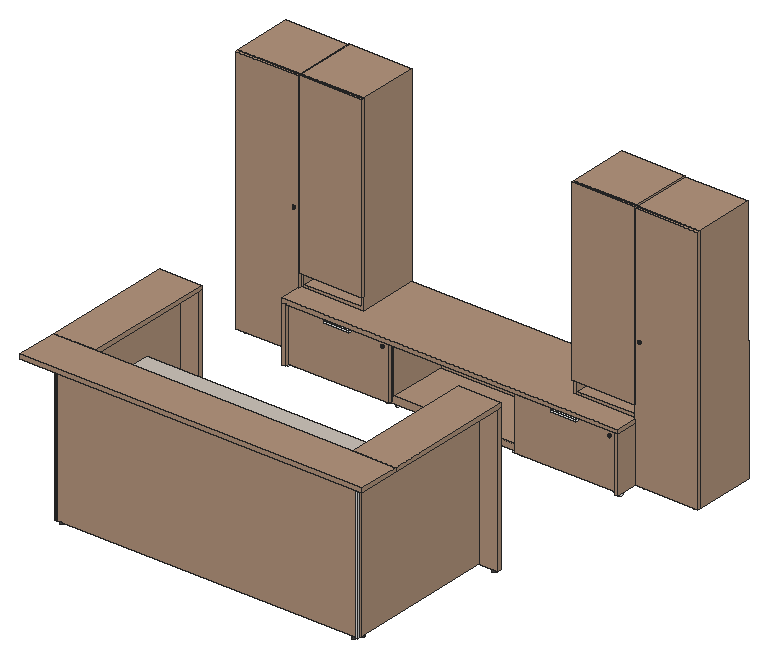
Revit family "Expansion_Casegoods-Reception_02-Teknion-R2019", category Furniture Systems, Revit 2019
Family settings
  Round Connector Dimension = Use Diameter
  Part Type = Normal
  OmniClass Number = 23.40.70.14.64.21
  OmniClass Title = Systems Furniture
  Work Plane-Based = No
  Always vertical = Yes
  Cut with Voids When Loaded = No
  Shared = Yes
  Room Calculation Point = No
Parameters (values of type "Reception 02")
  Warranty = "http://www.teknion.com/ca/papers/legal-canada"
  Unit Weight URL = "http://www.teknion.com/ca/tools/assets#&asset=bee6a381-b954-425e-8283-5a2de3a804f2,f828d448-4b62-4231-9e5f-9a8991c0ed77"
  URL = "www.teknion.com"
  To render please download texture images found here [instance] = "https://assets.teknion.com/web/5e81352c1dfdb467/revit-material-swatches/"
  Sustainability Data = "https://www.teknion.com/ca/tools/assets#&topic=216f99a5-57a0-44fc-b10a-9dee9b29ae4c&asset=444deb64-fe58-4b68-981e-f75e97781df7,b4ff2d81-9f2e-437d-9659-7cffb09c31cf"
  Series = "Expansion Casegoods"  # constant formula
  Product Page URL = "https://teknionplanningtool.com/#?Reception-02-ExpCasegoods"
  Product Line = "Expansion Casegoods"  # constant formula
  Model = "Expansion Casegoods Reception 02 Layout"
  Material Finish Note [instance] = "Click on Edit Family to change the finishes."  # constant formula
  Manufacturer Phone = "416-661-3370"  # constant formula
  Manufacturer Fax = "416.661.4586"  # constant formula
  Manufacturer Contact Information = "http://www.teknion.com/ca/contactus"
  Manufacturer Address = "1150 Flint Road, Toronto, ON. M3J 2J5. Canada"  # constant formula
  Manufacturer = "Teknion"  # constant formula
  How To Use Teknion Materials User Guide [instance] = "https://assets.teknion.com/m/205dd0a49fa58060/original/How-to-add-a-Material-Library-and-Texture-Images-to-your-Revit-project.pdf"
  For Additional Finishes please visit [instance] = "https://assets.teknion.com/m/44a8009b046e5d47/original/Teknion_Materials_Library.zip"
  Description = "9'-8” x 10'-11”"
  Assembly Code = "E2020200"
Reference planes (in)
  plane 1 "Center F/B": y = -16.51995
  plane 2: z = 0
  plane 3 "Center L/R": x = -9.9987
  plane 4 "Top": z = 29
  plane 5: x = -75.6687
  plane 6: y = -74.48751
  plane 7: y = 41.44761
  plane 8: x = 55.6713
Dimensions and locks (in)
  locked: plane 4 "Top" to level at 29
  equal spacing: plane 5, plane 3 "Center L/R", plane 8
  equal spacing: plane 6, plane 1 "Center F/B", plane 7
  aligned and locked: level to plane 2
Nested families (in)
  nested 1: "Reception-Teknion-B_CWL_Main_Worksurface_with_One_Gable_Reception_Desk-R2019" at (1.35734, -56.93086, 0) x (-1, 0, 0) z (0, 0, 1), type "1-3/16" Thick WS, Both Ends Grommet"
    with Worksurface Finish Source Laminate - Teknion - DE - Latte, To render please download texture images found here "https://assets.teknion.com/web/5e81352c1dfdb467/revit-material-swatches/", Split WS no, Singular WS yes, Middle Gable yes, How To Use Teknion Materials User Guide "https://assets.teknion.com/m/205dd0a49fa58060/original/How-to-add-a-Material-Library-and-Texture-Images-to-your-Revit-project.pdf", Grommet Finish Paint - Teknion - Foundation - Soft Gris, Gable Finish Source Laminate - Teknion - DE - Latte, Front Width 84.000", For Additional Finishes please visit "https://assets.teknion.com/m/44a8009b046e5d47/original/Teknion_Materials_Library.zip", Depth 30.000", Available Widths "72, 78, 84, 90, 96, 102, 108, 114, 120, 126, 132, 138, or 144 inches.", Available Depths "20, 24, or 30 inches.", 2D Connection Node Visibility yes
  nested 2: "Storage-Freestanding-Teknion-BSPSS_Pedestal-R2018" at (-39.09689, -46.05199, 0) x (-1, 0, 0) z (0, 0, 1), type "18" Depth, 28" Height"
    with To render please download texture images found here "https://assets.teknion.com/web/5e81352c1dfdb467/revit-material-swatches/", Pull Finish Paint - Teknion - Mica - Very White, How To Use Teknion Materials User Guide "https://assets.teknion.com/m/205dd0a49fa58060/original/How-to-add-a-Material-Library-and-Texture-Images-to-your-Revit-project.pdf", For Additional Finishes please visit "https://assets.teknion.com/m/44a8009b046e5d47/original/Teknion_Materials_Library.zip", File, File Configuration no, Drawer Front Finish Source Laminate - Teknion - 3M - Provincial Oak, Case Finish Source Laminate - Teknion - 3M - Provincial Oak (Cross Grain), Box, Box, File Top Drawer Cut-Out 3.589", Box, Box, File Configuration yes
  nested 3: "Reception-Teknion-B_CRU_Reception_Desk_Module_U_Shaped-R2019" at (-10.00644, -37.8253, 0) x (-1, 0, 0) z (0, 0, 1), type "1 1/16" Worksurface Thickness, 12" Depth"
    with Worksurface Finish Source Laminate - Teknion - 3M - Provincial Oak (Cross Grain), Width 84.000", To render please download texture images found here "https://assets.teknion.com/web/5e81352c1dfdb467/revit-material-swatches/", Right Return Width 42.000", Left Return Width 42.000", Inset Panel Finish Source Laminate - Teknion - 3M - Provincial Oak, How To Use Teknion Materials User Guide "https://assets.teknion.com/m/205dd0a49fa58060/original/How-to-add-a-Material-Library-and-Texture-Images-to-your-Revit-project.pdf", Gable Finish Source Laminate - Teknion - 3M - Provincial Oak, For Additional Finishes please visit "https://assets.teknion.com/m/44a8009b046e5d47/original/Teknion_Materials_Library.zip", END length 43.008", Corner Extrusion Finish Paint - Teknion - Mica - Arctic, Available Widths " 84\", 90\", 96\", 102\", 118\", 114\", 120\", 126\", 132\", 138\", or 144\"", Available Right Return Widths " 24\", 30\", 36\", 42\", 48\", 54\", 60\", 66\", 72\", 78\", or 84\"", Available Left Return Widths " 24\", 30\", 36\", 42\", 48\", 54\", 60\", 66\", 72\", 78\", or 84\"", Actual Right Return Width 41.992", Actual Left Return Width 41.992", 4 Filler Panels no, 3 Filler Panels yes, 2 Main Worksurface no, 1 Main Worksurface yes
  nested 4: "Storage-Freestanding-Teknion-BFRL_Full_Solid_Door_Tower-R2018" at (-66.7137, 32.49282, 0), type "18"w x 72"h"
    with Wardrobe no, Top Shelf Height Offset 16.986", To render please download texture images found here "https://assets.teknion.com/web/5e81352c1dfdb467/revit-material-swatches/", Shelves yes, Note "Available Depths are 18 and 24 inches.", Middle Shelf Visibility yes, Middle Shelf Height Offset 16.927", Lock Height Offset 33.722", How to Add Texture Images to your Revit Project "https://assets.teknion.com/m/205dd0a49fa58060/original/How-to-add-a-Material-Library-and-Texture-Images-to-your-Revit-project.pdf", For Additional Finishes please visit "https://assets.teknion.com/m/44a8009b046e5d47/original/Teknion_Materials_Library.zip", File Drawers and Shelves no, Door Front Finish Source Laminate - Teknion - 3M - Provincial Oak, Depth 18.000", Configurations Note "Please select one of the following.", Case Finish Source Laminate - Teknion - 3M - Provincial Oak, Bottom Shelf Visibility yes, Actual Depth 17.161"
  nested 5: "Storage-Mounted-Teknion-BRLL_Full_Solid_Door_Tower_Low_Secondary_Desk-R2018" at (-48.8037, 32.49261, 0) x (-1, 0, 0) z (0, 0, 1), type "File Drawer and Shelves, 18"d x 18"w, 72"h"
    with Has Multi-Functional Drawer no, Door Front Finish Source Laminate - Teknion - 3M - Provincial Oak, Case Finish Source Laminate - Teknion - 3M - Provincial Oak
  nested 6: "Workstations-Multi_Level-Teknion-B_MSD_Secondary-R2018" at (-9.9987, 29.50761, 0), type "1 3/16" Worksurface Thickness, Low Height"
    with Width 96.000", To render please download texture images found here "https://assets.teknion.com/web/5e81352c1dfdb467/revit-material-swatches/", Surface and Edge Trim Finish Source Laminate - Teknion - 3M - Provincial Oak (Cross Grain), Right Grommet no, Note "Please select one of the following.", No Grommet yes, Left Grommet no, How To Use Teknion Materials User Guide "https://assets.teknion.com/m/205dd0a49fa58060/original/How-to-add-a-Material-Library-and-Texture-Images-to-your-Revit-project.pdf", Has Right Rectangular Grommet no, Has Left Rectangular Grommet no, Has Centered Rectangular Grommet no, Has Both Ends Rectangular Grommets no, Hardware Finish Mica - Teknion - V - Satin - Very White, Grommet Finish Mica - Teknion - V - Satin - Very White, Gable Finish Source Laminate - Teknion - 3M - Provincial Oak, For Additional Finishes please visit "https://assets.teknion.com/m/44a8009b046e5d47/original/Teknion_Materials_Library.zip", Depth 24.000", Available Widths "54, 60, 66, 72, 78, 84, 90, 96, 102, or 108 inches.", Available Depths "20 or 24 inches.", Actual Width 95.520", Actual Depth 23.880"
  nested 7: "Storage-Multi_Level_Workstations-Teknion-BSSL_Lateral_File-R2019" at (-42.2662, 27.28034, 0), type "Low Secondary Desk Height, 24" Secondary Desk Depth"
    with Width 30.000", To render please download texture images found here "https://assets.teknion.com/web/5e81352c1dfdb467/revit-material-swatches/", Pull Finish Mica - Teknion - V - Satin - Very White, Lateral File Front Finish Source Laminate - Teknion - 3M - Provincial Oak, How To Use Teknion Materials User Guide "https://assets.teknion.com/m/205dd0a49fa58060/original/How-to-add-a-Material-Library-and-Texture-Images-to-your-Revit-project.pdf", High - Drawer Horizontal Cut 0.550", For Additional Finishes please visit "https://assets.teknion.com/m/44a8009b046e5d47/original/Teknion_Materials_Library.zip", End of 1-9/16" thick Secondary Desk no, End of 1-3/16" thick Secondary Desk yes, End of 1" thick Secondary Desk no, End yes, Configurations Note "The Center configuration is not available for the 42 inch width.", Center no, Case Finish Source Laminate - Teknion - 3M - Provincial Oak, Available Widths "Available Widths range from 18 to 42 inches in 6 inch increments.", Actual Width 28.715"
  nested 8: "Storage-Multi_Level_Workstations-Teknion-BSSL_Lateral_File-R2019" at (22.26904, 27.28034, 0), type "Low Secondary Desk Height, 24" Secondary Desk Depth"
    with Width 30.000", To render please download texture images found here "https://assets.teknion.com/web/5e81352c1dfdb467/revit-material-swatches/", Pull Finish Mica - Teknion - V - Satin - Very White, Lateral File Front Finish Source Laminate - Teknion - 3M - Provincial Oak, How To Use Teknion Materials User Guide "https://assets.teknion.com/m/205dd0a49fa58060/original/How-to-add-a-Material-Library-and-Texture-Images-to-your-Revit-project.pdf", High - Drawer Horizontal Cut 0.550", For Additional Finishes please visit "https://assets.teknion.com/m/44a8009b046e5d47/original/Teknion_Materials_Library.zip", End of 1-9/16" thick Secondary Desk no, End of 1-3/16" thick Secondary Desk yes, End of 1" thick Secondary Desk no, End yes, Configurations Note "The Center configuration is not available for the 42 inch width.", Center no, Case Finish Source Laminate - Teknion - 3M - Provincial Oak, Available Widths "Available Widths range from 18 to 42 inches in 6 inch increments.", Actual Width 28.715"
  nested 9: "Storage-Multi_Level_Workstations-Teknion-BSSO_Bookcase-R2018" at (-9.9987, 27.70958, 0), type "Low"
    with Width 36.000", Under Height-Adjustable Run-Off no, To render please download texture images found here "https://assets.teknion.com/web/5e81352c1dfdb467/revit-material-swatches/", Shelf Visibility no, Note "Available Depths are 20 and 24 inches. Available Widths are available in a range from 18 to 42 inches in 6 inch increments.", How To Use Teknion Materials User Guide "https://assets.teknion.com/m/205dd0a49fa58060/original/How-to-add-a-Material-Library-and-Texture-Images-to-your-Revit-project.pdf", For Additional Finishes please visit "https://assets.teknion.com/m/44a8009b046e5d47/original/Teknion_Materials_Library.zip", End of 1-9/16" thick Secondary Desk no, End of 1-3/16" thick Secondary Desk no, End of 1" thick Secondary Desk no, End Configuration no, Depth 24.000", Center Configuration yes, Case Finish Source Laminate - Teknion - 3M - Provincial Oak, Actual Width 35.820", Actual Depth 17.220"
  nested 10: "Storage-Mounted-Teknion-BRLL_Full_Solid_Door_Tower_Low_Secondary_Desk-R2018" at (28.8063, 32.49261, 0), type "File Drawer and Shelves, 18"d x 18"w, 72"h"
    with Has Multi-Functional Drawer no, Door Front Finish Source Laminate - Teknion - 3M - Provincial Oak, Case Finish Source Laminate - Teknion - 3M - Provincial Oak
  nested 11: "Storage-Freestanding-Teknion-BFRL_Full_Solid_Door_Tower-R2018" at (46.7163, 32.49282, 0) x (-1, 0, 0) z (0, 0, 1), type "18"w x 72"h"
    with Wardrobe no, Top Shelf Height Offset 16.986", To render please download texture images found here "https://assets.teknion.com/web/5e81352c1dfdb467/revit-material-swatches/", Shelves yes, Note "Available Depths are 18 and 24 inches.", Middle Shelf Visibility yes, Middle Shelf Height Offset 16.927", Lock Height Offset 33.722", How to Add Texture Images to your Revit Project "https://assets.teknion.com/m/205dd0a49fa58060/original/How-to-add-a-Material-Library-and-Texture-Images-to-your-Revit-project.pdf", For Additional Finishes please visit "https://assets.teknion.com/m/44a8009b046e5d47/original/Teknion_Materials_Library.zip", File Drawers and Shelves no, Door Front Finish Source Laminate - Teknion - 3M - Provincial Oak, Depth 18.000", Configurations Note "Please select one of the following.", Case Finish Source Laminate - Teknion - 3M - Provincial Oak, Bottom Shelf Visibility yes, Actual Depth 17.161"
Definition of nested family "Reception-Teknion-B_CWL_Main_Worksurface_with_One_Gable_Reception_Desk-R2019"
  Parameters (values of type "1" Thick WS, Both Ends Grommet")
    Worksurface Thickness = 1.016"
    Worksurface Finish [instance] = none
    Warranty = "http://www.teknion.com/ca/papers/legal-canada"
    Unit Weight URL = "http://www.teknion.com/ca/tools/assets#&asset=bee6a381-b954-425e-8283-5a2de3a804f2,f828d448-4b62-4231-9e5f-9a8991c0ed77"
    URL = "www.teknion.com"
    To render please download texture images found here [instance] = "https://assets.teknion.com/web/5e81352c1dfdb467/revit-material-swatches/"
    Sustainability Data = "https://www.teknion.com/ca/tools/assets#&topic=216f99a5-57a0-44fc-b10a-9dee9b29ae4c&asset=444deb64-fe58-4b68-981e-f75e97781df7,b4ff2d81-9f2e-437d-9659-7cffb09c31cf"
    Split WS [instance] = Front Width > 85.000"  # yes
    Singular WS [instance] = Front Width < 85.000"  # no
    Series = "Expansion Casegoods"  # constant formula
    Product Page URL = "https://www.teknion.com/ca/products/product-details?productLineId=0053336e-8e7a-673b-a6c8-ff00004460c4"
    Product Line = "Expansion Casegoods"  # constant formula
    Product Documentation Link = "https://www.teknion.com/pricing/expansion-casegoods/pdfs/B_CWL_ppg.pdf"
    Part Number = "B_WCL"  # constant formula
    Model = "BDWCL____B_"
    Middle Gable [instance] = Front Width > 73.000"  # yes
    Manufacturer Phone = "416-661-3370"  # constant formula
    Manufacturer Fax = "416.661.4586"  # constant formula
    Manufacturer Contact Information = "http://www.teknion.com/ca/contactus"
    Manufacturer Address = "1150 Flint Road, Toronto, ON. M3J 2J5. Canada"  # constant formula
    Manufacturer = "Teknion"  # constant formula
    How To Use Teknion Materials User Guide [instance] = "https://assets.teknion.com/m/205dd0a49fa58060/original/How-to-add-a-Material-Library-and-Texture-Images-to-your-Revit-project.pdf"
    Has Centered Rectangular Grommet = no
    Has Both Ends = yes
    Grommet Finish [instance] = none
    Gable Thickness = 1.016"
    Gable Finish [instance] = none
    Front Width [instance] = 108.000"
    For Additional Finishes please visit [instance] = "https://assets.teknion.com/m/44a8009b046e5d47/original/Teknion_Materials_Library.zip"
    Description = "Main Worksurface with One Gable - Reception Desk, 1\" Worksurface Thickness, Both Ends Grommet Option"
    Depth [instance] = 30.000"
    Available Widths [instance] = if(Has Centered Rectangular Grommet, "72, 90, 96, 102, 108, 114, 120, 126, 132, 138, or 144 inches.", "72, 78, 84, 90, 96, 102, 108, 114, 120, 126, 132, 138, or 144 inches.")  # "72, 78, 84, 90, 96, 102, 108, 114, 120, 126, 132, 138, or 144 inches."
    Available Depths [instance] = "20, 24, or 30 inches."  # constant formula
    Assembly Code = "E2020200"
    2D Connection Node Visibility [instance] = yes
  Types (7): name | Worksurface Thickness | Model | Has Centered Rectangular Grommet | Has Both Ends | Gable Thickness | Description | Available Widths
    (no name) | 1.016" | "BDWCL____B_" | no | yes | 1.016" | "Main Worksurface with One Gable - Reception Desk, 1\" Worksurface Thickness, Both Ends Grommet Option" | "72, 78, 84, 90, 96, 102, 108, 114, 120, 126, 132, 138, or 144 inches."
    1" Thick WS, Centered Grommet | 1.016" | "BDWCL____C_" | yes | no | 1.016" | "Main Worksurface with One Gable - Reception Desk, 1\" Worksurface Thickness, Centered Grommet Option" | "72, 90, 96, 102, 108, 114, 120, 126, 132, 138, or 144 inches."
    1-3/16" Thick WS, Centered Grommet | 1.189" | "BMWCL____C_" | yes | no | 1.016" | "Main Worksurface with One Gable - Reception Desk, 1-3/16\" Worksurface Thickness, Centered Grommet Option" | "72, 90, 96, 102, 108, 114, 120, 126, 132, 138, or 144 inches."
    1-9/16" Thick WS, Centered Grommet | 1.555" | "BXWCL____C_" | yes | no | 1.512" | "Main Worksurface with One Gable - Reception Desk, 1-9/16\" Worksurface Thickness, Centered Grommet Option" | "72, 90, 96, 102, 108, 114, 120, 126, 132, 138, or 144 inches."
    1" Thick WS, Both Ends Grommet | 1.016" | "BDWCL____B_" | no | yes | 1.016" | "Main Worksurface with One Gable - Reception Desk, 1\" Worksurface Thickness, Both Ends Grommet Option" | "72, 78, 84, 90, 96, 102, 108, 114, 120, 126, 132, 138, or 144 inches."
    1-3/16" Thick WS, Both Ends Grommet | 1.189" | "BMWCL____B_" | no | yes | 1.016" | "Main Worksurface with One Gable - Reception Desk, 1-3/16\" Worksurface Thickness, Both Ends Grommet Option" | "72, 78, 84, 90, 96, 102, 108, 114, 120, 126, 132, 138, or 144 inches."
    1-9/16" Thick WS, Both Ends Grommet | 1.555" | "BXWCL____B_" | no | yes | 1.51181" | "Main Worksurface with One Gable - Reception Desk, 1-9/16\" Worksurface Thickness, Both Ends Grommet Option" | "72, 78, 84, 90, 96, 102, 108, 114, 120, 126, 132, 138, or 144 inches."
  Reference planes (in)
    plane 1 "Center Front/Back": y = -3.95123
    plane 2: z = 0
    plane 3 "Center Left/Right": x = -0.63609
    plane 4 "Left": x = -54.63609
    plane 5 "Right": x = 53.36391
    plane 6 "Back": y = 11.04877
    plane 7 "Front": y = -18.95123
    plane 8 "Top": z = 27.80709
    plane 9: z = 28.82309
    plane 10: x = -27.63609
    plane 11: x = 26.36391
    plane 12: x = -54.12809
    plane 13: x = -53.62009
    plane 14: x = -1.14409
    plane 15: x = -0.12809
  Forms (in)
    Sweep 1, solid, material <- "Worksurface Finish", visible <- "Split WS"
      path origin (0, -3.95123, 0) x (1, 0, 0) y (0, 0, 1)
        loop
          line (-0.63609, 27.80709) -> (-0.63609, 28.82309)
      profile origin (-0.63609, -3.95123, 28.31509) x (-1, 0, 0) y (0, -1, 0)
        loop
          line (54, -15) -> (54, 15) -> (0, 15) -> (0, -15) -> (54, -15)
    Sweep 2, solid, material <- "Worksurface Finish", visible <- "Split WS"
      path origin (54, -3.95123, 0) x (1, 0, 0) y (0, 0, 1)
        loop
          line (-0.63609, 27.80709) -> (-0.63609, 28.82309)
      profile origin (53.36391, -3.95123, 28.31509) x (-1, 0, 0) y (0, -1, 0)
        loop
          line (54, -15) -> (54, 15) -> (0, 15) -> (0, -15) -> (54, -15)
    Sweep 3, solid, material <- "Worksurface Finish", visible <- "Singular WS"
      path origin (0, -3.95123, 0) x (1, 0, 0) y (0, 0, 1)
        loop
          line (-0.63609, 27.80709) -> (-0.63609, 28.82309)
      profile origin (-0.63609, -3.95123, 28.31509) x (-1, 0, 0) y (0, -1, 0)
        loop
          line (54, -15) -> (54, 15) -> (-54, 15) -> (-54, -15) -> (54, -15)
    Sweep 4, solid, material <- "Grommet Finish", visible <- "Has Centered Rectangular Grommet"
      path origin (0, -3.95123, 0) x (1, 0, 0) y (0, 0, 1)
        loop
          line (-27.63609, 28.82309) -> (-27.63609, 28.9412)
      profile origin (-27.63609, -3.95123, 28.88214) x (-1, 0, 0) y (0, -1, 0)
        loop
          line (3.34449, -13.30512) -> (3.34449, -10.43504) -> (-0.47441, -10.43504) -> (-0.47441, -11.65748) -> (1.57283, -11.65748) -> (1.57283, -12.08268) -> (-0.47441, -12.08268) -> (-0.47441, -13.30512) -> (3.34449, -13.30512)
    Sweep 5, solid, material <- "Grommet Finish", visible <- "Has Centered Rectangular Grommet"
      path origin (0, -3.95123, 0) x (1, 0, 0) y (0, 0, 1)
        loop
          line (-25.76804, 28.82309) -> (-25.76804, 28.9412)
      profile origin (-25.76804, -3.95123, 28.88214) x (-1, 0, 0) y (0, -1, 0)
        loop
          line (1.39363, -13.30512) -> (1.39363, -10.43504) -> (-1.47645, -10.43504) -> (-1.47645, -13.30512) -> (1.39363, -13.30512)
    Sweep 6, solid, material <- "Grommet Finish", visible <- "Has Centered Rectangular Grommet"
      path origin (0, -3.95123, 0) x (1, 0, 0) y (0, 0, 1)
        loop
          line (26.36391, 28.82309) -> (26.36391, 28.9412)
      profile origin (26.36391, -3.95123, 28.88214) x (-1, 0, 0) y (0, -1, 0)
        loop
          line (3.34449, -13.30512) -> (3.34449, -10.43504) -> (-0.47441, -10.43504) -> (-0.47441, -11.65748) -> (1.57283, -11.65748) -> (1.57283, -12.08268) -> (-0.47441, -12.08268) -> (-0.47441, -13.30512) -> (3.34449, -13.30512)
    Sweep 7, solid, material <- "Grommet Finish", visible <- "Has Centered Rectangular Grommet"
      path origin (0, -3.95123, 0) x (1, 0, 0) y (0, 0, 1)
        loop
          line (28.27422, 28.82309) -> (28.27422, 28.9412)
      profile origin (28.27422, -3.95123, 28.88214) x (-1, 0, 0) y (0, -1, 0)
        loop
          line (-1.43418, -10.43504) -> (-1.43418, -13.30512) -> (1.43589, -13.30512) -> (1.43589, -10.43504) -> (-1.43418, -10.43504)
    Sweep 8, solid, material <- "Grommet Finish", visible <- "Has Both Ends"
      path origin (0, -3.95123, 0) x (1, 0, 0) y (0, 0, 1)
        loop
          line (-45.06265, 28.82309) -> (-45.06265, 28.94131)
      profile origin (-45.06265, -3.95123, 28.8822) x (-1, 0, 0) y (0, -1, 0)
        loop
          line (-0.54665, -13.30512) -> (-0.54665, -10.43504) -> (-3.41672, -10.43504) -> (-3.41672, -13.30512) -> (-0.54665, -13.30512)
    Sweep 9, solid, material <- "Grommet Finish", visible <- "Has Both Ends"
      path origin (0, -3.95123, 0) x (1, 0, 0) y (0, 0, 1)
        loop
          line (-46.30693, 28.82309) -> (-46.30693, 28.94131)
      profile origin (-46.30693, -3.95123, 28.8822) x (-1, 0, 0) y (0, -1, 0)
        loop
          line (2.02797, -13.30512) -> (2.02797, -10.43504) -> (-1.79092, -10.43504) -> (-1.79092, -11.65748) -> (0.25632, -11.65748) -> (0.25632, -12.08268) -> (-1.79092, -12.08268) -> (-1.79092, -13.30512) -> (2.02797, -13.30512)
    Sweep 10, solid, material <- "Grommet Finish", visible <- "Has Both Ends"
      path origin (0, -3.95123, 0) x (1, 0, 0) y (0, 0, 1)
        loop
          line (43.67306, 28.82309) -> (43.67306, 28.94131)
      profile origin (43.67306, -3.95123, 28.8822) x (-1, 0, 0) y (0, -1, 0)
        loop
          line (-0.51959, -12.08268) -> (-0.51959, -13.30512) -> (3.29931, -13.30512) -> (3.29931, -10.43504) -> (-0.51959, -10.43504) -> (-0.51959, -11.65748) -> (1.52765, -11.65748) -> (1.52765, -12.08268) -> (-0.51959, -12.08268)
    Sweep 11, solid, material <- "Grommet Finish", visible <- "Has Both Ends"
      path origin (0, -3.95123, 0) x (1, 0, 0) y (0, 0, 1)
        loop
          line (45.4684, 28.82309) -> (45.4684, 28.94131)
      profile origin (45.4684, -3.95123, 28.8822) x (-1, 0, 0) y (0, -1, 0)
        loop
          line (1.27574, -13.30512) -> (1.27574, -10.43504) -> (-1.59433, -10.43504) -> (-1.59433, -13.30512) -> (1.27574, -13.30512)
    Sweep 12, solid, material <- "Gable Finish", visible <- "Middle Gable"
      path origin (0, 0, 0) x (1, 0, 0) y (0, 1, 0)
        loop
          line (-1.14409, 7.54877) -> (-0.12809, 7.54877)
      profile origin (-0.63609, 7.54877, 0) x (0, 1, 0) y (0, 0, 1)
        loop
          line (-7.5, 0.60236) -> (3.5, 0.60236) -> (3.5, 27.80709) -> (-7.5, 27.80709) -> (-7.5, 0.60236)
    Sweep 13, solid, material <- "Gable Finish"
      path origin (0, 0, 0) x (1, 0, 0) y (0, 1, 0)
        loop
          line (-53.62009, -3.95123) -> (-54.63609, -3.95123)
      profile origin (-54.12809, -3.95123, 0) x (0, -1, 0) y (0, 0, 1)
        loop
          line (15, 0.60236) -> (15, 27.80709) -> (-15, 27.80709) -> (-15, 0.60236) -> (15, 0.60236)
    Sweep 14, solid
      path origin (0, -3.95123, 0) x (1, 0, 0) y (0, 0, 1)
        loop
          line (-27.63609, 0) -> (-27.63609, 0.60236)
      profile origin (-27.63609, -3.95123, 0.30118) x (-1, 0, 0) y (0, -1, 0)
        loop
          circle (26.49649, -13.49697) r 0.5
        loop
          circle (26.49649, 13.49697) r 0.5
    Sweep 15, solid, visible <- "Middle Gable"
      path origin (0, -3.95123, 0) x (1, 0, 0) y (0, 0, 1)
        loop
          line (-0.63609, 0) -> (-0.63609, 0.60236)
      profile origin (-0.63609, -3.95123, 0.30118) x (-1, 0, 0) y (0, -1, 0)
        loop
          circle (0, -5.49839) r 0.5
  Lines and regions (in)
    Masking region 1
      outline origin (0, 0, 0) x (1, 0, 0) y (0, 1, 0)
        loop
          line (-54.63609, 11.04877) -> (-54.63609, -18.95123) -> (53.36391, -18.95123) -> (53.36391, 11.04877) -> (-54.63609, 11.04877)
    symbolic lines, detail levels medium+fine
      curve 1: line (-53.62009, 11.04877, 0) -> (-53.62009, -18.95123, 0)
    symbolic lines, visible <- "Middle Gable", detail levels medium+fine
      curve 2: line (-0.12809, 0.04877, 0) -> (-0.12809, 11.04877, 0)
      curve 3: line (-1.14409, 0.04877, 0) -> (-0.12809, 0.04877, 0)
      curve 4: line (-1.14409, 0.04877, 0) -> (-1.14409, 11.04877, 0)
    symbolic lines, detail levels fine
      curve 5: arc (-53.63258, 9.54574, 0) -> (-54.13258, 9.04574, 0) -> (-54.63258, 9.54574, 0) r 0.5
      curve 6: arc (-54.63258, 9.54574, 0) -> (-54.13258, 10.04574, 0) -> (-53.63258, 9.54574, 0) r 0.5
      curve 7: arc (-54.63258, -17.4482, 0) -> (-54.13258, -16.9482, 0) -> (-53.63258, -17.4482, 0) r 0.5
      curve 8: arc (-53.63258, -17.4482, 0) -> (-54.13258, -17.9482, 0) -> (-54.63258, -17.4482, 0) r 0.5
    symbolic lines, visible <- "Has Both Ends"
      curve 9: line (-44.51601, 9.35389, 0) -> (-48.33491, 9.35389, 0)
      curve 10: line (-44.51601, 9.35389, 0) -> (-44.51601, 6.48381, 0)
      curve 11: line (-48.33491, 6.48381, 0) -> (-44.51601, 6.48381, 0)
      curve 12: line (-44.51601, 7.70625, 0) -> (-46.56325, 7.70625, 0)
      curve 13: line (-46.56325, 7.70625, 0) -> (-46.56325, 8.13145, 0)
      curve 14: line (-46.56325, 8.13145, 0) -> (-44.51601, 8.13145, 0)
      curve 15: line (-48.33491, 9.35389, 0) -> (-48.33491, 6.48381, 0)
      curve 16: line (-41.64593, 9.35389, 0) -> (-44.51601, 9.35389, 0)
      curve 17: line (-41.64593, 6.48381, 0) -> (-41.64593, 9.35389, 0)
      curve 18: line (-44.51601, 6.48381, 0) -> (-41.64593, 6.48381, 0)
      curve 39: line (44.19265, 9.35389, 0) -> (40.37376, 9.35389, 0)
      curve 40: line (44.19265, 9.35389, 0) -> (44.19265, 6.48381, 0)
      curve 41: line (42.14541, 8.13145, 0) -> (44.19265, 8.13145, 0)
      curve 42: line (42.14541, 7.70625, 0) -> (42.14541, 8.13145, 0)
      curve 43: line (44.19265, 7.70625, 0) -> (42.14541, 7.70625, 0)
      curve 44: line (40.37376, 6.48381, 0) -> (44.19265, 6.48381, 0)
      curve 45: line (40.37376, 9.35389, 0) -> (40.37376, 6.48381, 0)
      curve 46: line (47.06273, 9.35389, 0) -> (44.19265, 9.35389, 0)
      curve 47: line (47.06273, 6.48381, 0) -> (47.06273, 9.35389, 0)
      curve 48: line (44.19265, 6.48381, 0) -> (47.06273, 6.48381, 0)
    symbolic lines, visible <- "Has Centered Rectangular Grommet"
      curve 19: line (-27.16168, 9.35389, 0) -> (-27.16168, 6.48381, 0)
      curve 20: line (-29.20892, 8.13145, 0) -> (-27.16168, 8.13145, 0)
      curve 21: line (-29.20892, 7.70625, 0) -> (-29.20892, 8.13145, 0)
      curve 22: line (-27.16168, 7.70625, 0) -> (-29.20892, 7.70625, 0)
      curve 23: line (-30.98058, 6.48381, 0) -> (-27.16168, 6.48381, 0)
      curve 24: line (-30.98058, 9.35389, 0) -> (-30.98058, 6.48381, 0)
      curve 25: line (-27.16168, 9.35389, 0) -> (-30.98058, 9.35389, 0)
      curve 26: line (-24.2916, 9.35389, 0) -> (-27.16168, 9.35389, 0)
      curve 27: line (-24.2916, 6.48381, 0) -> (-24.2916, 9.35389, 0)
      curve 28: line (-27.16168, 6.48381, 0) -> (-24.2916, 6.48381, 0)
      curve 29: line (26.83832, 9.35389, 0) -> (23.01942, 9.35389, 0)
      curve 30: line (23.01942, 9.35389, 0) -> (23.01942, 6.48381, 0)
      curve 31: line (23.01942, 6.48381, 0) -> (26.83832, 6.48381, 0)
      curve 32: line (26.83832, 9.35389, 0) -> (26.83832, 6.48381, 0)
      curve 33: line (24.79108, 8.13145, 0) -> (26.83832, 8.13145, 0)
      curve 34: line (24.79108, 7.70625, 0) -> (24.79108, 8.13145, 0)
      curve 35: line (26.83832, 7.70625, 0) -> (24.79108, 7.70625, 0)
      curve 36: line (29.7084, 9.35389, 0) -> (26.83832, 9.35389, 0)
      curve 37: line (29.7084, 6.48381, 0) -> (29.7084, 9.35389, 0)
      curve 38: line (26.83832, 6.48381, 0) -> (29.7084, 6.48381, 0)
    symbolic lines, visible <- "Split WS"
      curve 49: line (-0.63609, 11.04877, 0) -> (-0.63609, -18.95123, 0)
    reference lines
      curve 50: line (-54.63609, 11.04877, 0) -> (53.36391, 11.04877, 0)
      curve 51: line (-54.63609, 11.04877, 0) -> (-54.63609, -18.95123, 0)
      curve 52: line (-54.63609, -18.95123, 0) -> (53.36391, -18.95123, 0)
      curve 53: line (53.36391, 11.04877, 0) -> (53.36391, -18.95123, 0)
    symbolic lines, visible <- "Middle Gable", detail levels fine
      curve 54: arc (-1.13609, 1.54716, 0) -> (-0.63609, 2.04716, 0) -> (-0.13609, 1.54716, 0) r 0.5
      curve 55: arc (-0.13609, 1.54716, 0) -> (-0.63609, 1.04716, 0) -> (-1.13609, 1.54716, 0) r 0.5
  Dimensions and locks (in)
    "Front Width": plane 4 "Left" to plane 5 "Right"
    equal spacing: plane 6 "Back", plane 1 "Center Front/Back", plane 7 "Front"
    locked: plane 8 "Top" to level at 27.80709
    equal spacing: plane 4 "Left", plane 3 "Center Left/Right", plane 5 "Right"
    "Depth": plane 6 "Back" to plane 7 "Front"
    "Worksurface Thickness": plane 9 to plane 8 "Top"
    equal spacing: plane 4 "Left", plane 10, plane 3 "Center Left/Right"
    equal spacing: plane 3 "Center Left/Right", plane 11, plane 5 "Right"
    locked: Sweep 4 sketch curve to plane 9 at 0.11811
    Sweep 4 sketch curve to Sweep 4 sketch curve to plane 10 to Sweep 4 sketch curve to Sweep 4 sketch curve = 1.77165" locked, 1.57283" locked, 0.47441" locked, 0.000" locked
    plane 6 "Back" to Sweep 4 sketch curve to Sweep 4 sketch curve to Sweep 4 sketch curve to Sweep 4 sketch curve = 1.69488" locked, 1.22244" locked, 0.4252" locked, 1.22244" locked
    locked: Sweep 5 sketch curve to plane 9 at 0.11811
    plane 10 to Sweep 5 sketch curve to Sweep 5 sketch curve = 0.47441" locked, 2.87008" locked
    plane 6 "Back" to Sweep 5 sketch curve to Sweep 5 sketch curve = 1.69488" locked, 2.87008" locked
    locked: Sweep 6 sketch curve to plane 9 at 0.11811
    Sweep 6 sketch curve to Sweep 6 sketch curve to plane 11 to Sweep 6 sketch curve to Sweep 6 sketch curve = 1.77165" locked, 1.57283" locked, 0.47441" locked, 0.000" locked
    plane 6 "Back" to Sweep 6 sketch curve to Sweep 6 sketch curve to Sweep 6 sketch curve to Sweep 6 sketch curve = 1.69488" locked, 1.22244" locked, 0.4252" locked, 1.22244" locked
    locked: Sweep 7 sketch curve to plane 9 at 0.11811
    plane 11 to Sweep 7 sketch curve to Sweep 7 sketch curve = 0.47441" locked, 2.87008" locked
    plane 6 "Back" to Sweep 7 sketch curve to Sweep 7 sketch curve = 1.69488" locked, 2.87008" locked
    locked: Sweep 8 sketch curve to plane 9 at 0.11823
    plane 4 "Left" to Sweep 8 sketch curve to Sweep 8 sketch curve = 10.12008" locked, 2.87008" locked
    plane 6 "Back" to Sweep 8 sketch curve to Sweep 8 sketch curve = 1.69488" locked, 2.87008" locked
    locked: Sweep 9 sketch curve to plane 9 at 0.11823
    plane 4 "Left" to Sweep 9 sketch curve to Sweep 9 sketch curve to Sweep 9 sketch curve to Sweep 9 sketch curve = 6.30118" locked, 1.77165" locked, 2.04724" locked, 0.000" locked
    plane 6 "Back" to Sweep 9 sketch curve to Sweep 9 sketch curve to Sweep 9 sketch curve to Sweep 9 sketch curve = 1.69488" locked, 1.22244" locked, 0.4252" locked, 1.22244" locked
    locked: Sweep 10 sketch curve to plane 9 at 0.11823
    Sweep 10 sketch curve to Sweep 10 sketch curve to Sweep 10 sketch curve to plane 5 "Right" = 3.8189" locked, 0.000" locked, 9.17126" locked
    plane 6 "Back" to Sweep 10 sketch curve to Sweep 10 sketch curve to Sweep 10 sketch curve to Sweep 10 sketch curve = 1.69488" locked, 1.22244" locked, 0.4252" locked, 1.22244" locked
    locked: Sweep 11 sketch curve to plane 9 at 0.11823
    Sweep 11 sketch curve to Sweep 11 sketch curve to plane 5 "Right" = 2.87008" locked, 6.30118" locked
    plane 6 "Back" to Sweep 11 sketch curve to Sweep 11 sketch curve = 1.69488" locked, 2.87008" locked
    locked: Sweep 12 sketch curve to plane 6 "Back" at 11
    locked: Sweep 12 sketch curve to level at 0.60236
    "Gable Thickness": plane 4 "Left" to Sweep 13 sketch curve
    locked: Sweep 13 sketch curve to level at 0.60236
    locked: Sweep 14 sketch curve to level at 0.60236
    locked: plane 6 "Back" to Sweep 14 sketch curve at 1.50303
    locked: Sweep 14 sketch curve to plane 12 at 0.00449  (x2)
    locked: plane 7 "Front" to Sweep 14 sketch curve at 1.50303
    locked: Sweep 15 sketch curve to level at 0.60236
    locked: plane 6 "Back" to Sweep 15 sketch curve at 9.50161
    locked: plane 3 "Center Left/Right" to Sweep 15 sketch curve at 0
    equal spacing: plane 4 "Left", plane 12, plane 13
    "Gable Thickness": plane 4 "Left" to plane 13
    equal spacing: plane 14, plane 3 "Center Left/Right", plane 15
    "Gable Thickness": plane 14 to plane 15
    aligned and locked: level to plane 2
    aligned and locked: plane 8 "Top" to Sweep 1 sketch curve
    aligned and locked: plane 9 to Sweep 1 sketch curve
    aligned and locked: Sweep 1 sketch curve to plane 4 "Left"
    aligned and locked: Sweep 1 sketch curve to plane 6 "Back"
    aligned and locked: Sweep 1 sketch curve to plane 3 "Center Left/Right"
    aligned and locked: Sweep 1 sketch curve to plane 7 "Front"
    aligned and locked: Sweep 2 sketch curve to plane 3 "Center Left/Right"
    aligned and locked: Sweep 2 sketch curve to plane 6 "Back"
    aligned and locked: plane 5 "Right" to Sweep 2 sketch curve
    aligned and locked: plane 7 "Front" to Sweep 2 sketch curve
    aligned and locked: plane 9 to Sweep 2 sketch curve
    aligned and locked: plane 8 "Top" to Sweep 2 sketch curve
    aligned and locked: plane 8 "Top" to Sweep 3 sketch curve
    aligned and locked: plane 9 to Sweep 3 sketch curve
    aligned and locked: plane 3 "Center Left/Right" to Sweep 3 sketch curve
    aligned and locked: Sweep 3 sketch curve to plane 6 "Back"
    aligned and locked: Sweep 3 sketch curve to plane 4 "Left"
    aligned and locked: Sweep 3 sketch curve to plane 7 "Front"
    aligned and locked: plane 5 "Right" to Sweep 3 sketch curve
    aligned and locked: plane 9 to Sweep 4 sketch curve
    aligned and locked: plane 9 to Sweep 5 sketch curve
    aligned and locked: plane 9 to Sweep 6 sketch curve
    aligned and locked: plane 9 to Sweep 7 sketch curve
    aligned and locked: plane 9 to Sweep 8 sketch curve
    aligned and locked: plane 9 to Sweep 9 sketch curve
    aligned and locked: plane 9 to Sweep 10 sketch curve
    aligned and locked: plane 9 to Sweep 11 sketch curve
    aligned and locked: plane 6 "Back" to Sweep 12 sketch curve
    aligned and locked: plane 8 "Top" to Sweep 12 sketch curve
    aligned and locked: plane 4 "Left" to Sweep 13 sketch curve
    aligned and locked: plane 7 "Front" to Sweep 13 sketch curve
    aligned and locked: Sweep 13 sketch curve to plane 6 "Back"
    aligned and locked: Sweep 13 sketch curve to plane 8 "Top"
    aligned and locked: level to Sweep 14 sketch curve
    aligned and locked: level to Sweep 15 sketch curve
    aligned and locked: Masking region 1 sketch curve to plane 4 "Left"
    aligned and locked: Masking region 1 sketch curve to plane 6 "Back"
    aligned and locked: Masking region 1 sketch curve to plane 7 "Front"
    aligned and locked: Masking region 1 sketch curve to plane 5 "Right"
    aligned and locked: curve 1 to Sweep 13
    aligned and locked: curve 2 to Sweep 12
    aligned and locked: curve 3 to Sweep 12
    aligned and locked: curve 4 to Sweep 12
    aligned and locked: curve 5 to Sweep 14
    aligned and locked: curve 6 to Sweep 14
    aligned and locked: curve 7 to Sweep 14
    aligned and locked: curve 8 to Sweep 14
    aligned and locked: curve 9 to Sweep 9
    aligned and locked: curve 10 to Sweep 8
    aligned and locked: curve 11 to Sweep 9
    aligned and locked: curve 12 to Sweep 9
    aligned and locked: curve 13 to Sweep 9
    aligned and locked: curve 14 to Sweep 9
    aligned and locked: curve 15 to Sweep 9
    aligned and locked: curve 16 to Sweep 8
    aligned and locked: curve 17 to Sweep 8
    aligned and locked: curve 18 to Sweep 8
    aligned and locked: curve 19 to Sweep 5
    aligned and locked: curve 20 to Sweep 4
    aligned and locked: curve 21 to Sweep 4
    aligned and locked: curve 22 to Sweep 4
    aligned and locked: curve 23 to Sweep 4
    aligned and locked: curve 24 to Sweep 4
    aligned and locked: curve 25 to Sweep 4
    aligned and locked: curve 26 to Sweep 5
    aligned and locked: curve 27 to Sweep 5
    aligned and locked: curve 28 to Sweep 5
    aligned and locked: curve 29 to Sweep 6
    aligned and locked: curve 30 to Sweep 6
    aligned and locked: curve 31 to Sweep 6
    aligned and locked: curve 32 to Sweep 7
    aligned and locked: curve 33 to Sweep 6
    aligned and locked: curve 34 to Sweep 6
    aligned and locked: curve 35 to Sweep 6
    aligned and locked: curve 36 to Sweep 7
    aligned and locked: curve 37 to Sweep 7
    aligned and locked: curve 38 to Sweep 7
    aligned and locked: curve 39 to Sweep 10
    aligned and locked: curve 40 to Sweep 11
    aligned and locked: curve 41 to Sweep 10
    aligned and locked: curve 42 to Sweep 10
    aligned and locked: curve 43 to Sweep 10
    aligned and locked: curve 44 to Sweep 10
    aligned and locked: curve 45 to Sweep 10
    aligned and locked: curve 46 to Sweep 11
    aligned and locked: curve 47 to Sweep 11
    aligned and locked: curve 48 to Sweep 11
    aligned and locked: curve 49 to Sweep 2
    aligned and locked: curve 50 to plane 6 "Back"
    aligned and locked: curve 51 to plane 4 "Left"
    aligned and locked: curve 52 to plane 7 "Front"
    aligned and locked: curve 53 to plane 5 "Right"
    aligned and locked: curve 54 to Sweep 15
    aligned and locked: curve 55 to Sweep 15
    aligned and locked: nested 1 to plane 6 "Back"
    aligned and locked: nested 1 to plane 5 "Right"
    aligned and locked: plane 7 "Front" to nested 2
    aligned and locked: nested 2 to plane 5 "Right"
    aligned and locked: nested 3 to plane 7 "Front"
    aligned and locked: nested 3 to plane 4 "Left"
    aligned and locked: nested 4 to plane 6 "Back"
    aligned and locked: plane 4 "Left" to nested 4
    aligned and locked: plane 14 to Sweep 12 sketch curve
    aligned and locked: plane 15 to Sweep 12 sketch curve
  Automatic sketch dimensions
    Sweep 1 sketch curve to plane 3 "Center Left/Right" = 0.000"
    plane 5 "Right" to Sweep 2 sketch curve = 0.000"
    Sweep 4 sketch curve to plane 10 = 0.000"
    plane 10 to Sweep 5 sketch curve = 1.86804"
    Sweep 6 sketch curve to plane 11 = 0.000"
    plane 11 to Sweep 7 sketch curve = 1.9103"
    plane 4 "Left" to Sweep 8 sketch curve = 9.57343"
    plane 4 "Left" to Sweep 9 sketch curve = 8.32916"
    plane 5 "Right" to Sweep 10 sketch curve = 9.69085"
    Sweep 10 sketch curve to profile plane = 1.52765"
    plane 5 "Right" to Sweep 11 sketch curve = 7.89552"
    Sweep 13 sketch curve to plane 1 "Center Front/Back" = 0.000"
    Sweep 14 sketch curve to plane 10 = 0.000"
    Sweep 15 sketch curve to plane 3 "Center Left/Right" = 0.000"
    plane 7 "Front" to curve 1 = 0.000"
    curve 1 to plane 6 "Back" = 0.000"
    curve 2 to plane 6 "Back" = 0.000"
    curve 4 to plane 6 "Back" = 0.000"
    plane 7 "Front" to curve 49 = 0.000"
    curve 49 to plane 6 "Back" = 0.000"
    Sweep 12 sketch curve to plane 6 "Back" = 3.500"
    radius of Sweep 14 sketch curve = 0.500"  (x2)
    radius of Sweep 15 sketch curve = 0.500"
  Nested families (in)
    nested 1: "Teknion_2D_Node_Family-R2016" at (53.36391, 11.04877, 0), visible <- "2D Connection Node Visibility", type "Teknion_2D_Node_Family-R2016"
    nested 2: "Teknion_2D_Node_Family-R2016" at (53.36391, -18.95123, 0), visible <- "2D Connection Node Visibility", type "Teknion_2D_Node_Family-R2016"
    nested 3: "Teknion_2D_Node_Family-R2016" at (-54.63609, -18.95123, 0), visible <- "2D Connection Node Visibility", type "Teknion_2D_Node_Family-R2016"
    nested 4: "Teknion_2D_Node_Family-R2016" at (-54.63609, 11.04877, 0), visible <- "2D Connection Node Visibility", type "Teknion_2D_Node_Family-R2016"
  Definition of nested family "Teknion_2D_Node_Family-R2016"
    Reference planes (in)
      plane 1 "Center (Front/Back)": y = 0
      plane 2: z = 0
      plane 3 "Center (Left/Right)": x = 0
    Lines and regions (in)
      detail lines, in view "Ref. Level"
        curve 1: circle (0, 0, 0) r 1.25 normal (0, 0, 1)
        curve 2: line (1.91508, -1.91508, 0) -> (-1.91508, 1.91508, 0)
        curve 3: line (-1.91508, -1.91508, 0) -> (1.91508, 1.91508, 0)
Definition of nested family "Storage-Freestanding-Teknion-BSPSS_Pedestal-R2018"
  Parameters (values of type "30" Depth, 28" Height")
    Warranty = "http://www.teknion.com/ca/papers/legal-canada"
    Unit Weight URL = "http://www.teknion.com/ca/tools/assets#&asset=bee6a381-b954-425e-8283-5a2de3a804f2,f828d448-4b62-4231-9e5f-9a8991c0ed77"
    URL = "www.teknion.com"
    To render please download texture images found here [instance] = "https://assets.teknion.com/web/5e81352c1dfdb467/revit-material-swatches/"
    Sustainability Data = "https://www.teknion.com/ca/tools/assets#&topic=216f99a5-57a0-44fc-b10a-9dee9b29ae4c&asset=444deb64-fe58-4b68-981e-f75e97781df7,b4ff2d81-9f2e-437d-9659-7cffb09c31cf"
    Series = "Expansion Casegoods"  # constant formula
    Pull Finish [instance] = none
    Product Page URL = "https://www.teknion.com/ca/products/product-details?productLineId=0053336e-8e7a-673b-a6c8-ff00004460c4"
    Product Line = "Expansion Casegoods"  # constant formula
    Product Documentation Link = "https://www.teknion.com/pricing/expansion-casegoods/pdfs/Bspss_ppg.pdf"
    Part Number = "BSPSS"  # constant formula
    Model = "BSPSSP3028_"
    Manufacturer Phone = "416-661-3370"  # constant formula
    Manufacturer Fax = "416.661.4586"  # constant formula
    Manufacturer Contact Information = "http://www.teknion.com/ca/contactus"
    Manufacturer Address = "1150 Flint Road, Toronto, ON. M3J 2J5. Canada"  # constant formula
    Manufacturer = "Teknion"  # constant formula
    How To Use Teknion Materials User Guide [instance] = "https://assets.teknion.com/m/205dd0a49fa58060/original/How-to-add-a-Material-Library-and-Texture-Images-to-your-Revit-project.pdf"
    For Additional Finishes please visit [instance] = "https://assets.teknion.com/m/44a8009b046e5d47/original/Teknion_Materials_Library.zip"
    File, File Configuration [instance] = not([Box, Box, File Configuration])  # no
    Drawer Front Finish [instance] = none
    Description = "Pedestal, Pulls, 30\" Depth, 28\" Height"
    Depth = 30.000"
    Case Finish [instance] = none
    Box, Box, File Top Drawer Cut-Out [instance] = if([Box, Box, File Configuration], 3.589", 0.500")  # 3.589"
    Box, Box, File Configuration [instance] = yes
    Assembly Code = "E2020200"
  Types (5): name | Model | Description | Depth
    (no name) | "BSPSSP3028_" | "Pedestal, Pulls, 30\" Depth, 28\" Height" | 30.000"
    18" Depth, 28" Height | "BSPSSP1828_" | "Pedestal, Pulls, 18\" Depth, 28\" Height" | 18.000"
    22" Depth, 28" Height | "BSPSSP2228_" | "Pedestal, Pulls, 22\" Depth, 28\" Height" | 22.000"
    24" Depth, 28" Height | "BSPSSP2428_" | "Pedestal, Pulls, 24\" Depth, 28\" Height" | 24.000"
    30" Depth, 28" Height | "BSPSSP3028_" | "Pedestal, Pulls, 30\" Depth, 28\" Height" | 30.000"
  Reference planes (in)
    plane 1 "Center Front/Back": y = 0.93551
    plane 2: z = 0
    plane 3 "Center Left/Right": x = -0.36395
    plane 4 "Left": x = -8.11395
    plane 5 "Right": x = 7.38605
    plane 6 "Back": y = 15.93551
    plane 7 "Front": y = -14.06449
    plane 8 "Top": z = 27.48031
    plane 9: y = -16.81449
    plane 10: z = 0.60236
  Forms (in)
    Sweep 1, solid, material <- "Case Finish"
      path origin (0, 0, 0) x (1, 0, 0) y (0, 1, 0)
        loop
          line (-0.36395, 15.93551) -> (-0.36395, -13.22591)
      profile origin (-0.36395, 1.3548, 0) x (1, 0, 0) y (0, 0, 1)
        loop
          line (-7.75, 27.48031) -> (-7.75, 0.60236) -> (7.75, 0.60236) -> (7.75, 27.48031) -> (-7.75, 27.48031)
    Sweep 2, void
      path origin (0, 0, 0) x (1, 0, 0) y (0, 1, 0)
        loop
          line (-0.36395, -16.81449) -> (-0.36395, -13.22549)
      profile origin (-0.36395, -15.01999, 0) x (-1, 0, 0) y (0, 0, 1)
        loop
          line (7.75, 15) -> (-7.75, 15) -> (-7.75, 14.88189) -> (7.75, 14.88189) -> (7.75, 15)
    Sweep 3, solid, material <- "Drawer Front Finish"
      path origin (0, 0, 0) x (1, 0, 0) y (0, 1, 0)
        loop
          line (-0.36395, -14.06449) -> (-0.36395, -13.3637)
      profile origin (-0.36395, -13.7141, 0) x (-1, 0, 0) y (0, 0, 1)
        loop
          line (7.75, 0.72047) -> (7.75, 27.36221) -> (-7.75, 27.36221) -> (-7.75, 0.72047) -> (7.75, 0.72047)
    Sweep 4, solid, material <- "Pull Finish"
      path origin (0, 0, 0) x (1, 0, 0) y (0, 1, 0)
        loop
          line (-0.36395, -14.81646) -> (-0.36395, -14.06449)
      profile origin (-0.36395, -14.44047, 0) x (-1, 0, 0) y (0, 0, 1)
        loop
          line (3.5, 14.36221) -> (3.5, 14.8622) -> (-3.5, 14.8622) -> (-3.5, 14.36221) -> (3.5, 14.36221)
    Sweep 5, solid, material <- "Pull Finish"
      path origin (-7, 0, 12.48032) x (1, 0, 0) y (0, 1, 0)
        loop
          line (6.63605, -14.81646) -> (6.63605, -14.06449)
      profile origin (-0.36395, -14.44047, 12.48032) x (-1, 0, 0) y (0, 0, 1)
        loop
          line (-3.5, 14.36221) -> (3.5, 14.36221) -> (3.5, 14.8622) -> (-3.5, 14.8622) -> (-3.5, 14.36221)
    Sweep 6, solid
      path origin (0, 0, 0) x (1, 0, 0) y (0, 1, 0)
        loop
          line (5.87031, -14.12354) -> (5.87031, -14.06449)
      profile origin (5.87031, -14.09402, 0) x (-1, 0, 0) y (0, 0, 1)
        loop
          circle (0, 26.10236) r 0.3937
        loop
          line (0.04921, 26.28937) -> (-0.04921, 26.28937) -> (-0.04921, 25.91535) -> (0.04921, 25.91535) -> (0.04921, 26.28937)
    Sweep 7, solid
      path origin (0, 0.93551, 0) x (1, 0, 0) y (0, 0, 1)
        loop
          line (-0.36395, 0) -> (-0.36395, 0.60236)
      profile origin (-0.36395, 0.93551, 0.30118) x (-1, 0, 0) y (0, -1, 0)
        loop
          circle (-6.09997, 13.6598) r 0.5
        loop
          circle (6.09997, 13.6598) r 0.5
        loop
          circle (-6.09997, -12.88571) r 0.5
        loop
          circle (6.09997, -12.88571) r 0.5
    Sweep 8, void
      path origin (0, 0, 6.24016) x (1, 0, 0) y (0, 1, 0)
        loop
          line (-0.36395, -16.81449) -> (-0.36395, -13.22549)
      profile origin (-0.36395, -15.01999, 6.24016) x (-1, 0, 0) y (0, 0, 1)
        loop
          line (7.75, 15) -> (-7.75, 15) -> (-7.75, 14.88189) -> (7.75, 14.88189) -> (7.75, 15)
    Sweep 9, solid, material <- "Pull Finish", visible <- "Box, Box, File Configuration"
      path origin (-14, 0, 6.24016) x (1, 0, 0) y (0, 1, 0)
        loop
          line (13.63605, -14.81646) -> (13.63605, -14.06449)
      profile origin (-0.36395, -14.44047, 6.24016) x (-1, 0, 0) y (0, 0, 1)
        loop
          line (3.5, 14.36221) -> (3.5, 14.8622) -> (-3.5, 14.8622) -> (-3.5, 14.36221) -> (3.5, 14.36221)
  Cuts and joins
    Sweep 2, Sweep 8 cuts Sweep 3
    Sweep 8 cuts Sweep 1
  Lines and regions (in)
    Masking region 1
      outline origin (0, 0, 0) x (1, 0, 0) y (0, 1, 0)
        loop
          line (-8.11395, 15.93551) -> (-8.11395, -13.22591) -> (7.38605, -13.22591) -> (7.38605, 15.93551) -> (-8.11395, 15.93551)
    Masking region 2
      outline origin (0, 0, 0) x (1, 0, 0) y (0, 1, 0)
        loop
          line (-8.11395, -14.06449) -> (7.38605, -14.06449) -> (7.38605, -13.3637) -> (-8.11395, -13.3637) -> (-8.11395, -14.06449)
    Masking region 3
      outline origin (0, 0, 0) x (1, 0, 0) y (0, 1, 0)
        loop
          line (5.47661, -14.06449) -> (5.47661, -14.12354) -> (6.26401, -14.12354) -> (6.26401, -14.06449) -> (5.47661, -14.06449)
    Masking region 4
      outline origin (0, 0, 0) x (1, 0, 0) y (0, 1, 0)
        loop
          line (-3.86395, -14.06449) -> (-3.86395, -14.81646) -> (3.13605, -14.81646) -> (3.13605, -14.06449) -> (-3.86395, -14.06449)
    symbolic lines, detail levels fine
      curve 1: arc (-6.96391, 13.82122, 0) -> (-6.46391, 14.32122, 0) -> (-5.96391, 13.82122, 0) r 0.5
      curve 2: arc (-5.96391, 13.82122, 0) -> (-6.46391, 13.32122, 0) -> (-6.96391, 13.82122, 0) r 0.5
      curve 3: arc (5.23602, 13.82122, 0) -> (5.73602, 14.32122, 0) -> (6.23602, 13.82122, 0) r 0.5
      curve 4: arc (6.23602, 13.82122, 0) -> (5.73602, 13.32122, 0) -> (5.23602, 13.82122, 0) r 0.5
      curve 5: arc (5.23602, -12.72429, 0) -> (5.73602, -12.22429, 0) -> (6.23602, -12.72429, 0) r 0.5
      curve 6: arc (6.23602, -12.72429, 0) -> (5.73602, -13.22429, 0) -> (5.23602, -12.72429, 0) r 0.5
      curve 7: arc (-6.96391, -12.72429, 0) -> (-6.46391, -12.22429, 0) -> (-5.96391, -12.72429, 0) r 0.5
      curve 8: arc (-5.96391, -12.72429, 0) -> (-6.46391, -13.22429, 0) -> (-6.96391, -12.72429, 0) r 0.5
  Dimensions and locks (in)
    locked: plane 4 "Left" to plane 5 "Right" at 15.5
    "Depth": plane 6 "Back" to plane 7 "Front"
    locked: plane 8 "Top" to level at 27.48031
    equal spacing: plane 7 "Front", plane 1 "Center Front/Back", plane 6 "Back"
    equal spacing: plane 4 "Left", plane 3 "Center Left/Right", plane 5 "Right"
    locked: plane 7 "Front" to Sweep 1 sketch curve at 0.83858
    locked: plane 7 "Front" to plane 9 at 2.75
    Sweep 2 sketch curve to plane 9 = 3.589"
    Sweep 2 sketch curve to Sweep 2 sketch curve to level = 0.11811" locked, 14.88189" locked
    locked: plane 7 "Front" to Sweep 3 sketch curve at 0.70079
    locked: Sweep 3 sketch curve to level at 0.72047
    locked: plane 8 "Top" to Sweep 3 sketch curve at 0.11811
    locked: Sweep 4 sketch curve to plane 7 "Front" at 0.75197
    Sweep 4 sketch curve to Sweep 4 sketch curve to level = 0.500" locked, 14.36221" locked
    Sweep 4 sketch curve to plane 3 "Center Left/Right" to Sweep 4 sketch curve = 3.500" locked, 3.500" locked
    plane 8 "Top" to Sweep 5 sketch curve to Sweep 5 sketch curve = 0.13779" locked, 0.500" locked
    Sweep 5 sketch curve to plane 3 "Center Left/Right" to Sweep 5 sketch curve = 3.500" locked, 3.500" locked
    locked: Sweep 5 sketch curve to plane 7 "Front" at 0.75197
    locked: Sweep 6 sketch curve to plane 7 "Front" at 0.05906
    locked: plane 8 "Top" to Sweep 6 sketch curve at 1.37795
    locked: Sweep 6 sketch curve to plane 5 "Right" at 1.51575
    plane 8 "Top" to Sweep 6 sketch curve to Sweep 6 sketch curve = 1.19094" locked, 0.37402" locked
    Sweep 6 sketch curve to Sweep 6 sketch curve to plane 5 "Right" = 0.09843" locked, 1.46654" locked
    locked: plane 10 to level at 0.60236
    locked: plane 7 "Front" to Sweep 7 sketch curve at 1.3402  (x2)
    locked: plane 4 "Left" to Sweep 7 sketch curve at 1.65003  (x2)
    locked: Sweep 7 sketch curve to plane 5 "Right" at 1.65003  (x2)
    locked: plane 6 "Back" to Sweep 7 sketch curve at 2.11429  (x2)
    plane 8 "Top" to Sweep 8 sketch curve to Sweep 8 sketch curve = 6.24016" locked, 0.11811" locked
    "Box, Box, File Top Drawer Cut-Out": Sweep 8 sketch curve to plane 9
    plane 8 "Top" to Sweep 9 sketch curve to Sweep 9 sketch curve = 6.37795" locked, 0.500" locked
    Sweep 9 sketch curve to plane 3 "Center Left/Right" to Sweep 9 sketch curve = 3.500" locked, 3.500" locked
    locked: Sweep 9 sketch curve to plane 7 "Front" at 0.75197
    Masking region 3 sketch curve to Masking region 3 sketch curve to plane 5 "Right" = 0.7874" locked, 1.12205" locked
    aligned and locked: level to plane 2
    aligned and locked: plane 6 "Back" to Sweep 1 sketch curve
    aligned and locked: Sweep 1 sketch curve to plane 3 "Center Left/Right"
    aligned and locked: plane 5 "Right" to Sweep 1 sketch curve
    aligned and locked: plane 4 "Left" to Sweep 1 sketch curve
    aligned and locked: Sweep 1 sketch curve to plane 8 "Top"
    aligned and locked: plane 9 to Sweep 2 sketch curve
    aligned and locked: Sweep 2 sketch curve to plane 3 "Center Left/Right"
    aligned and locked: plane 5 "Right" to Sweep 2 sketch curve
    aligned and locked: plane 4 "Left" to Sweep 2 sketch curve
    aligned and locked: plane 7 "Front" to Sweep 3 sketch curve
    aligned and locked: plane 3 "Center Left/Right" to Sweep 3 sketch curve
    aligned and locked: plane 4 "Left" to Sweep 3 sketch curve
    aligned and locked: plane 5 "Right" to Sweep 3 sketch curve
    aligned and locked: plane 7 "Front" to Sweep 4 sketch curve
    aligned and locked: Sweep 4 sketch curve to plane 3 "Center Left/Right"
    aligned and locked: plane 7 "Front" to Sweep 5 sketch curve
    aligned and locked: Sweep 5 sketch curve to plane 3 "Center Left/Right"
    aligned and locked: plane 7 "Front" to Sweep 6 sketch curve
    aligned and locked: plane 10 to Sweep 7 sketch curve
    aligned and locked: level to Sweep 7 sketch curve
    aligned and locked: plane 3 "Center Left/Right" to Sweep 7 sketch curve
    aligned and locked: plane 4 "Left" to Sweep 8 sketch curve
    aligned and locked: plane 5 "Right" to Sweep 8 sketch curve
    aligned and locked: plane 9 to Sweep 8 sketch curve
    aligned and locked: plane 7 "Front" to Sweep 9 sketch curve
    aligned and locked: Sweep 9 sketch curve to plane 3 "Center Left/Right"
    aligned and locked: Masking region 1 sketch curve to plane 4 "Left"
    aligned and locked: Masking region 1 sketch curve to plane 6 "Back"
    aligned and locked: Masking region 1 sketch curve to plane 5 "Right"
    aligned and locked: Masking region 1 sketch curve to cut or joined group of Sweep 1, Sweep 8
    aligned and locked: Masking region 2 sketch curve to plane 7 "Front"
    aligned and locked: Masking region 2 sketch curve to plane 4 "Left"
    aligned and locked: Masking region 2 sketch curve to cut or joined group of Sweep 2, Sweep 3, Sweep 8
    aligned and locked: plane 5 "Right" to Masking region 2 sketch curve
    aligned and locked: Masking region 3 sketch curve to Sweep 6  (x2)
    aligned and locked: plane 7 "Front" to Masking region 4 sketch curve
    aligned and locked: Masking region 4 sketch curve to Sweep 4
    aligned and locked: Masking region 4 sketch curve to Sweep 5  (x2)
    aligned and locked: curve 1 to Sweep 7
    aligned and locked: curve 2 to Sweep 7
    aligned and locked: curve 3 to Sweep 7
    aligned and locked: curve 4 to Sweep 7
    aligned and locked: curve 5 to Sweep 7
    aligned and locked: curve 6 to Sweep 7
    aligned and locked: curve 7 to Sweep 7
    aligned and locked: curve 8 to Sweep 7
    aligned and locked: plane 10 to Sweep 1 sketch curve
  Automatic sketch dimensions
    plane 5 "Right" to Sweep 6 sketch curve = 1.51575"
    Sweep 8 sketch curve to plane 3 "Center Left/Right" = 0.000"
    radius of Sweep 6 sketch curve = 0.3937"
    radius of Sweep 7 sketch curve = 0.500"  (x4)
Definition of nested family "Reception-Teknion-B_CRU_Reception_Desk_Module_U_Shaped-R2019"
  Parameters (values of type "1 3/16" Worksurface Thickness, 12" Depth")
    Worksurface Thickness = 1.189"
    Worksurface Finish [instance] = none
    Width [instance] = 84.000"
    Warranty = "http://www.teknion.com/ca/papers/legal-canada"
    Unit Weight URL = "http://www.teknion.com/ca/tools/assets#&asset=bee6a381-b954-425e-8283-5a2de3a804f2,f828d448-4b62-4231-9e5f-9a8991c0ed77"
    URL = "www.teknion.com"
    To render please download texture images found here [instance] = "https://assets.teknion.com/web/5e81352c1dfdb467/revit-material-swatches/"
    Sustainability Data = "https://www.teknion.com/ca/tools/assets#&topic=216f99a5-57a0-44fc-b10a-9dee9b29ae4c&asset=444deb64-fe58-4b68-981e-f75e97781df7,b4ff2d81-9f2e-437d-9659-7cffb09c31cf"
    Series = "Expansion Casegoods"  # constant formula
    Right Return Width [instance] = 30.000"
    Product Page URL = "https://www.teknion.com/ca/products/product-details?productLineId=0053336e-8e7a-673b-a6c8-ff00004460c4"
    Product Line = "Expansion Casegoods"  # constant formula
    Product Documentation Link = "https://www.teknion.com/pricing/expansion-casegoods/pdfs/B_CRU_ppg.pdf"
    Part Number = "B_CRU"  # constant formula
    Model = "BMCRU12_______"
    Manufacturer Phone = "416-661-3370"  # constant formula
    Manufacturer Fax = "416.661.4586"  # constant formula
    Manufacturer Contact Information = "http://www.teknion.com/ca/contactus"
    Manufacturer Address = "1150 Flint Road, Toronto, ON. M3J 2J5. Canada"  # constant formula
    Manufacturer = "Teknion"  # constant formula
    Left Return Width [instance] = 30.000"
    Inset Panel Finish [instance] = none
    How To Use Teknion Materials User Guide [instance] = "https://assets.teknion.com/m/205dd0a49fa58060/original/How-to-add-a-Material-Library-and-Texture-Images-to-your-Revit-project.pdf"
    Gable Finish [instance] = none
    For Additional Finishes please visit [instance] = "https://assets.teknion.com/m/44a8009b046e5d47/original/Teknion_Materials_Library.zip"
    End Gable Thickness = 1.016"
    END length [instance] = if(Left Return Width > Right Return Width, Actual Left Return Width + End Gable Thickness, Actual Right Return Width + End Gable Thickness)  # 31.008"
    Description = "Reception Desk Module - U-Shaped, 1 3/16\" Worksurface Thickness, 12\" Depth"
    Corner Extrusion Finish [instance] = none
    Available Widths [instance] = " 84\", 90\", 96\", 102\", 118\", 114\", 120\", 126\", 132\", 138\", or 144\""  # constant formula
    Available Right Return Widths [instance] = " 24\", 30\", 36\", 42\", 48\", 54\", 60\", 66\", 72\", 78\", or 84\""  # constant formula
    Available Left Return Widths [instance] = " 24\", 30\", 36\", 42\", 48\", 54\", 60\", 66\", 72\", 78\", or 84\""  # constant formula
    Assembly Code = "E2020200"
    Actual Right Return Width [instance] = Right Return Width - 0.008"  # 29.992"
    Actual Left Return Width [instance] = Left Return Width - 0.008"  # 29.992"
    4 Filler Panels [instance] = not([3 Filler Panels])  # no
    3 Filler Panels [instance] = not(Width > 84.000")  # yes
    2 Main Worksurface [instance] = not([1 Main Worksurface])  # no
    1 Main Worksurface [instance] = not(Width > 90.000")  # yes
  Types (3): name | Worksurface Thickness | Width | Right Return Width | Model | Left Return Width | End Gable Thickness | END length | Description | Actual Right Return Width | Actual Left Return Width | 4 Filler Panels | 3 Filler Panels | 2 Main Worksurface | 1 Main Worksurface
    (no name) | 1.189" | 84.000" | 30.000" | "BMCRU12_______" | 30.000" | 1.016" | 31.008" | "Reception Desk Module - U-Shaped, 1 3/16\" Worksurface Thickness, 12\" Depth" | 29.992" | 29.992" | no | yes | no | yes
    1 3/16" Worksurface Thickness, 12" Depth | 1.189" | 84.000" | 30.000" | "BMCRU12_______" | 30.000" | 1.016" | 31.008" | "Reception Desk Module - U-Shaped, 1 3/16\" Worksurface Thickness, 12\" Depth" | 29.992" | 29.992" | no | yes | no | yes
    1 9/16" Worksurface Thickness, 12" Depth | 1.555" | 144.000" | 84.000" | "BXCRU12_______" | 84.000" | 1.512" | 85.504" | "Reception Desk Module - U-Shaped, 1 9/16\" Worksurface Thickness, 12\" Depth" | 83.992" | 83.992" | yes | no | yes | no
  Reference planes (in)
    plane 1 "Center Front/Back": y = 30.1542
    plane 2: z = 0
    plane 3 "Center Left/Right": x = 0
    plane 4 "Left": x = -48.508
    plane 5 "Right": x = 48.508
    plane 6 "Back": y = 36.6622
    plane 7 "Front": y = -0.8538
    plane 8 "Top": z = 42
    plane 9: x = -42
    plane 10: x = 42
    plane 11: y = 0.1622
    plane 12: y = 0.1622
    plane 13: z = 43.189
